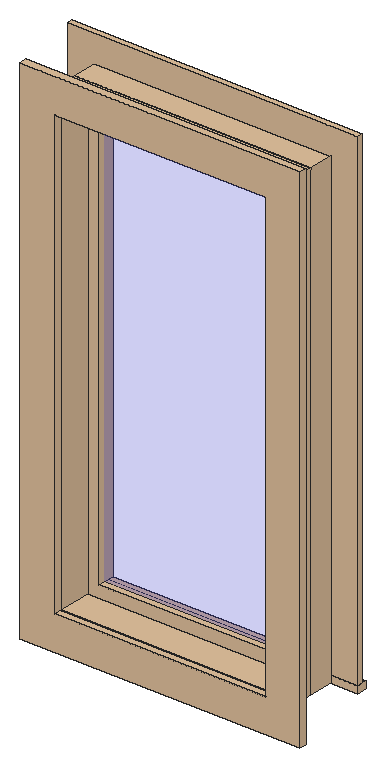
Revit family
Parameters (values of type "0610 x 1220mm")
  유리 창 재료 = 유리
  Height = 1220 mm
  섀시 = 섀시
  기본 씰 높이 = 915 mm
  자르기 외부 재료 = 자르기
  자르기 내부 재료 = 자르기
  자르기 투영 - 외부 = 13 mm
  자르기 투영 - 내부 = 19 mm
  자르기 폭 - 외부 = 89 mm
  자르기 폭 - 내부 = 89 mm
  Wall Closure = (empty or 0)
  Width = 610 mm
  창 인세트 = 19 mm
Types (10, lengths in mm): name | Height | 기본 씰 높이 | Width
  (no name) | 1220 | 915 | 610
  0406 x 0610mm | 610 | 915 | 406
  0406 x 1220mm | 1220 | 915 | 406
  0406 x 1830mm | 1830 | 305 | 406
  0610 x 0610mm | 610 | 915 | 610
  0610 x 1220mm | 1220 | 915 | 610
  0610 x 1830mm | 1830 | 305 | 610
  0915 x 0610mm | 610 | 915 | 915
  0915 x 1220mm | 1220 | 915 | 915
  0915 x 1830mm | 1830 | 305 | 915
Reference planes
  plane 1: y = 0
  plane 2 "중심": x = 0
  plane 3 "왼쪽": x = -305
  plane 4 "오른쪽": x = 305
  plane 5 "씰": z = 915
  plane 6 "헤드": z = 2135
  plane 7: x = -286
  plane 8: x = 286
  plane 9: x = -273
  plane 10: x = 273
  plane 11: x = -375
  plane 12: x = 375
  plane 13: z = 2116
  plane 14: z = 2205
  plane 15: x = -362
  plane 16: x = 362
  plane 17: z = 2103
  plane 18: z = 2192
  plane 19: z = 947
  plane 20: z = 858
  plane 21 "마무리": y = 41
Forms (mm)
  Extrusion 1, solid, material "자르기" <- "자르기 내부 재료"
    sketch origin (0, 0, 0) x (-1, 0, 0) y (0, 0, 1)
      loop
        line (-305, 2135) -> (-305, 915) -> (305, 915) -> (305, 2135) -> (-305, 2135)
      loop
        line (-273, 2103) -> (-273, 947) -> (273, 947) -> (273, 2103) -> (-273, 2103)
    from -62 to 25
  Extrusion 2, solid, material "자르기" <- "자르기 외부 재료"
    sketch origin (0, 0, 0) x (-1, 0, 0) y (0, 0, 1)
      loop
        line (-305, 2135) -> (-305, 915) -> (305, 915) -> (305, 2135) -> (-305, 2135)
      loop
        line (-286, 2116) -> (-286, 934) -> (286, 934) -> (286, 2116) -> (-286, 2116)
    from 25 to 88
  Extrusion 3, solid, material "섀시" <- "섀시"
    sketch origin (0, 0, 0) x (-1, 0, 0) y (0, 0, 1)
      loop
        line (-286, 2116) -> (-286, 934) -> (286, 934) -> (286, 2116) -> (-286, 2116)
      loop
        line (-242, 2072) -> (-242, 978) -> (242, 978) -> (242, 2072) -> (-242, 2072)
    from 25 to 69
  Extrusion 4, solid, material "유리" <- "유리 창 재료"
    sketch origin (0, 0, 0) x (-1, 0, 0) y (0, 0, 1)
      loop
        line (-242, 2072) -> (-242, 978) -> (242, 978) -> (242, 2072) -> (-242, 2072)
    from 41 to 53
  Extrusion 5, solid, material "자르기" <- "자르기 내부 재료"
    sketch origin (0, 0, 0) x (1, 0, 0) y (0, 0, 1)
      loop
        line (-273, 2103) -> (-273, 947) -> (273, 947) -> (273, 2103) -> (-273, 2103)
      loop
        line (-362, 2192) -> (-362, 858) -> (362, 858) -> (362, 2192) -> (-362, 2192)
    from 62 to 81
  Extrusion 6, solid, material "자르기" <- "자르기 외부 재료"
    sketch origin (0, 0, 0) x (-1, 0, 0) y (0, 0, 1)
      loop
        line (-375, 934) -> (-375, 915) -> (375, 915) -> (375, 934) -> (-375, 934)
    from 88 to 114
  Extrusion 7, solid, material "자르기" <- "자르기 외부 재료"
    sketch origin (0, 0, 0) x (-1, 0, 0) y (0, 0, 1)
      loop
        line (-286, 934) -> (-286, 2116) -> (286, 2116) -> (286, 934) -> (375, 934) -> (375, 2205) -> (-375, 2205) -> (-375, 934) -> (-286, 934)
    from 88 to 101
Lines and regions (mm)
  Opening 1
    outline origin (3500, -62, 0) x (1, 0, 0) y (0, 0, 1)
      loop
        line (-3195, 915) -> (-3195, 2135) -> (-3805, 2135) -> (-3805, 915) -> (-3195, 915)
  symbolic lines, style "WindowsFrameMullionProjection"
    curve 1: line (-305, 88, 0) -> (-286, 88, 0)
    curve 2: line (-305, -62, 0) -> (-273, -62, 0)
    curve 3: line (-286, 69, 0) -> (-242, 69, 0)
    curve 4: line (-286, 25, 0) -> (-242, 25, 0)
    curve 5: line (-286, 88, 0) -> (-286, 25, 0)
    curve 6: line (-242, 69, 0) -> (-242, 25, 0)
    curve 7: line (-273, 25, 0) -> (-273, -62, 0)
    curve 8: line (303.878, 88, 0) -> (286, 88, 0)
    curve 9: line (286, 88, 0) -> (286, 25, 0)
    curve 10: line (286, 69, 0) -> (242, 69, 0)
    curve 11: line (242, 69, 0) -> (242, 25, 0)
    curve 12: line (242, 25, 0) -> (286, 25, 0)
    curve 13: line (305, -62, 0) -> (273, -62, 0)
    curve 14: line (273, 25, 0) -> (273, -62, 0)
  symbolic lines, style "WindowsGlassProjection"
    curve 15: line (-242, 47, 0) -> (242, 47, 0)
  symbolic lines, style "입면도 스윙"
    curve 16: line (273, 69, 2103) -> (0, 69, 947)
    curve 17: line (-273, 69, 2103) -> (0, 69, 947)
    curve 18: line (-273, -62, 2103) -> (0, -62, 947)
    curve 19: line (273, -62, 2103) -> (0, -62, 947)
Text (mm)
  text "외부" at (-1342.265, 620.1, 0), in view "바닥 선"
  text "내부" at (-1342.265, -544.443, 0), in view "바닥 선"
  text "외부" at (0, 361.147, 3250.525), in view "오른쪽"
  text "외부" at (0, 894.742, 2979.947), in view "왼쪽"
Dimensions and locks
  equal spacing: plane 3 "왼쪽", plane 2 "중심", plane 4 "오른쪽"
  "Width": plane 3 "왼쪽" to plane 4 "오른쪽"
  "Height": plane 5 "씰" to plane 6 "헤드"
  "기본 씰 높이": plane 5 "씰" to level
  "창 인세트": host wall to Extrusion 3
  Extrusion 3 to Extrusion 3 = 44 mm
  locked: Extrusion 3 to Extrusion 4 at 16
  locked: Extrusion 4 to Extrusion 4 at 12
  locked: Extrusion 1 sketch curve to Extrusion 1 sketch curve at 32  (x2)
  "자르기 투영 - 내부": Extrusion 5 to Extrusion 5
  locked: plane 3 "왼쪽" to plane 7 at 19
  locked: plane 8 to plane 4 "오른쪽" at 19
  locked: plane 10 to plane 4 "오른쪽" at 32
  locked: plane 3 "왼쪽" to plane 9 at 32
  "자르기 폭 - 외부": plane 12 to plane 8
  "자르기 폭 - 외부": plane 7 to plane 11
  locked: Extrusion 6 sketch curve to Extrusion 6 sketch curve at 19
  locked: plane 13 to plane 6 "헤드" at 19
  "자르기 폭 - 외부": plane 13 to plane 14
  "자르기 투영 - 외부": Extrusion 7 to Extrusion 7
  locked: Extrusion 6 to Extrusion 7 at 13
  "자르기 폭 - 내부": plane 15 to plane 9
  "자르기 폭 - 내부": plane 10 to plane 16
  locked: plane 6 "헤드" to plane 17 at 32
  "자르기 폭 - 내부": plane 18 to plane 17
  locked: plane 19 to plane 5 "씰" at 32
  "자르기 폭 - 내부": plane 19 to plane 20
  locked: plane 21 "마무리" to host wall at 47
  aligned and locked: host wall to Extrusion 1
  aligned and locked: host wall to Extrusion 2
  aligned and locked: Extrusion 3 sketch curve to Extrusion 2  (x4)
  aligned and locked: Extrusion 3 to Extrusion 1
  aligned and locked: Extrusion 2 to Extrusion 1
  aligned and locked: Extrusion 4 sketch curve to Extrusion 3  (x4)
  aligned and locked: Extrusion 5 sketch curve to Extrusion 1  (x4)
  aligned and locked: Extrusion 5 to host wall
  aligned and locked: curve 1 to Extrusion 2  (x2)
  aligned and locked: Extrusion 1 to curve 2
  aligned and locked: curve 2 to Extrusion 5
  aligned and locked: curve 3 to Extrusion 3
  aligned and locked: curve 4 to Extrusion 2  (x2)
  aligned and locked: curve 5 to Extrusion 2
  aligned and locked: curve 6 to Extrusion 3
  aligned and locked: curve 7 to Extrusion 1
  aligned and locked: Extrusion 2 to curve 9
  aligned and locked: curve 10 to Extrusion 3
  aligned and locked: curve 11 to Extrusion 3
  aligned and locked: Extrusion 3 to curve 12
  aligned and locked: curve 13 to Extrusion 1  (x2)
  aligned and locked: curve 14 to Extrusion 1
  aligned and locked: Extrusion 6 to host wall
  aligned and locked: Extrusion 2 to curve 8
  aligned and locked: Extrusion 6 sketch curve to Extrusion 2
  aligned and locked: Extrusion 6 to Extrusion 7 sketch curve
  aligned and locked: plane 12 to Extrusion 7 sketch curve
  aligned and locked: Extrusion 7 sketch curve to plane 7
  aligned and locked: Extrusion 7 sketch curve to Extrusion 6
  aligned and locked: plane 11 to Extrusion 7 sketch curve
  aligned and locked: Extrusion 7 sketch curve to Extrusion 2
  aligned and locked: Extrusion 7 to host wall
Automatic sketch dimensions
  Opening 1 sketch curve to plane 3 "왼쪽" = 0 mm
  Opening 1 sketch curve to plane 4 "오른쪽" = 0 mm
  Opening 1 sketch curve to plane 5 "씰" = 0 mm
  Opening 1 sketch curve to plane 6 "헤드" = 0 mm
  Extrusion 1 sketch curve to plane 5 "씰" = 32 mm
  plane 6 "헤드" to Extrusion 1 sketch curve = 32 mm
  plane 4 "오른쪽" to Extrusion 2 sketch curve = 19 mm
  Extrusion 2 sketch curve to Extrusion 2 sketch curve = 19 mm
  Extrusion 2 sketch curve to plane 5 "씰" = 19 mm
  plane 6 "헤드" to Extrusion 2 sketch curve = 19 mm
  Extrusion 3 sketch curve to Extrusion 3 sketch curve = 44 mm
  Extrusion 3 sketch curve to plane 3 "왼쪽" = 63 mm
  Extrusion 3 sketch curve to plane 5 "씰" = 63 mm
  plane 6 "헤드" to Extrusion 3 sketch curve = 63 mm
  Extrusion 1 sketch curve to plane 4 "오른쪽" = 0 mm
  Extrusion 1 sketch curve to plane 3 "왼쪽" = 0 mm
  Extrusion 1 sketch curve to plane 5 "씰" = 0 mm
  Extrusion 1 sketch curve to plane 6 "헤드" = 0 mm
  Extrusion 2 sketch curve to plane 4 "오른쪽" = 0 mm
  Extrusion 2 sketch curve to plane 3 "왼쪽" = 0 mm
  Extrusion 2 sketch curve to plane 5 "씰" = 0 mm
  Extrusion 2 sketch curve to plane 6 "헤드" = 0 mm
  plane 4 "오른쪽" to curve 8 = 1.122 mm
  curve 15 to curve 3 = 22 mm
  Extrusion 6 sketch curve to plane 11 = 0 mm
  Extrusion 6 sketch curve to plane 12 = 0 mm
  Extrusion 7 sketch curve to plane 13 = 0 mm
  Extrusion 7 sketch curve to plane 14 = 0 mm
  Extrusion 5 sketch curve to plane 15 = 0 mm
  Extrusion 5 sketch curve to plane 16 = 0 mm
  Extrusion 5 sketch curve to plane 20 = 0 mm
  Extrusion 5 sketch curve to plane 18 = 0 mm
  curve 19 to plane 10 = 0 mm
  curve 19 to plane 17 = 0 mm
  curve 17 to plane 9 = 0 mm
  curve 17 to plane 17 = 0 mm
  curve 18 to plane 9 = 0 mm
  curve 18 to plane 17 = 0 mm
  curve 16 to plane 10 = 0 mm
  curve 16 to plane 17 = 0 mm
  curve 18 to plane 2 "중심" = 0 mm
  curve 18 to plane 19 = 0 mm
  curve 17 to plane 2 "중심" = 0 mm
  curve 17 to plane 19 = 0 mm
